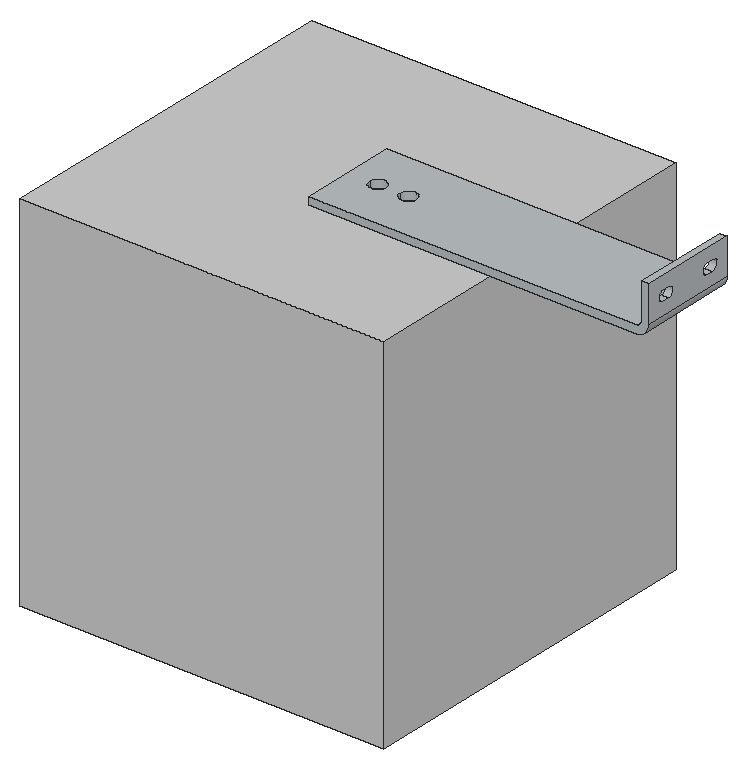
Revit family "REC-PA280406R", category Structural Connections, host Face, Revit 2024
Family settings
  Host = Face
  Material for Model Behavior = Steel
  Enable Cutting in Views = Yes
  Cut with Voids When Loaded = Yes
  Shared = No
Parameters (values of type "PA280406R")
  Visible = yes
  URL_Product_(Producto) = ""
  URL_DataSheet_(FichaTecnica) = ""
  URL_CE_Marking_(MarcadoCE) = ""
  Type IFC Predefined Type = "Brackets"
  Type Comments = ""
  URL = "https://recense.com/"
  Model = "PA280406R"
  Manufacturer = "RECENSE"
  Keynote_ESP = "Sistema antivuelco para paneles de hormigón GRC tipo STUD FRAME."
  Keynote = "Anti-tilt system for GRC concrete panels type STUD FRAME."
  IFCExportType = Classification.Uniclass.Pr.Description  # "Carbon steel anchor plates"
  IFCExportAs = "IfcElementAssembly"
  Fecha de Creacion: = "01/03/2024"
  Fecha Ultima Revision: = "01/03/2024"
  Export Type to IFC As = "IfcElementAssembly"
  Description_ESP = "Pletina angular 280x40x80x6 mm 2 ranuras 15x9 mm."
  Description = "Angle plate 280x40x80x6 mm 2 slotted holes 15x9 mm."
  Default Elevation = 0.0 mm
  Creado por: = "Deliprogal SL"
  Cost = 0
  Classification.Uniclass.Ss.Number = ""
  Classification.Uniclass.Ss.Description = ""
  Classification.Uniclass.Pr.Number = "Pr_20_29_03_10"
  Classification.Uniclass.Pr.Description = "Carbon steel anchor plates"
  Classification.Uniclass.EF.Number = ""
  Classification.Uniclass.EF.Description = ""
  Classification.Space.Number = ""
  Classification.Space.Description = ""
  Classification.Facility.Number = ""
  Classification.Facility.Description = ""
  Assembly Code = ""
Reference planes
  plane 1 "Center (Front/Back)": y = 0
  plane 2: z = 0
  plane 3 "Center (Left/Right)": x = 0
Forms (mm)
  Extrusion 1, solid, material "REC_Base"
    sketch origin (0, -719.2, 0) x (1, 0, 0) y (0, 1, 0)
      loop
        line (-150, 869.2) -> (-150, 569.2) -> (150, 569.2) -> (150, 869.2) -> (-150, 869.2)
    from 0 to -300
  Extrusion 2, solid, material "REC_Acero, S 275JR (Zincado)"
    sketch origin (0, 40, 0) x (1, 0, 0) y (0, 0, 1)
      loop
        line (0, 6) -> (0, 0) -> (270, 0)
        arc (270, 0) -> (277.071, 2.929) -> (280, 10) r 10
        line (280, 10) -> (280, 40) -> (274, 40) -> (274, 10)
        arc (274, 10) -> (272.828, 7.172) -> (270, 6) r 4
        line (270, 6) -> (0, 6)
    from 0 to 80
  Extrusion 3, void
    sketch origin (100, 40, 126) x (1, 0, 0) y (0, -1, 0)
      loop
        circle (-75, 40) r 7
      loop
        circle (-50, 40) r 7
    from 120 to 126
  Extrusion 4, void
    sketch origin (194, 40, 20) x (0, 1, 0) y (0, 0, 1)
      loop
        line (-65.5, 0.5) -> (-59.5, 0.5)
        arc (-59.5, 0.5) -> (-55, 5) -> (-59.5, 9.5) r 4.5
        line (-59.5, 9.5) -> (-65.5, 9.5)
        arc (-65.5, 9.5) -> (-70, 5) -> (-65.5, 0.5) r 4.5
      loop
        line (-20.5, 0.5) -> (-14.5, 0.5)
        arc (-14.5, 0.5) -> (-10, 5) -> (-14.5, 9.5) r 4.5
        line (-14.5, 9.5) -> (-20.5, 9.5)
        arc (-20.5, 9.5) -> (-25, 5) -> (-20.5, 0.5) r 4.5
    from 80 to 86
Cuts and joins
  Extrusion 3, Extrusion 4 cuts Extrusion 2
Dimensions and locks
  aligned and locked: plane 2 to Extrusion 1
  aligned and locked: level to Extrusion 1
